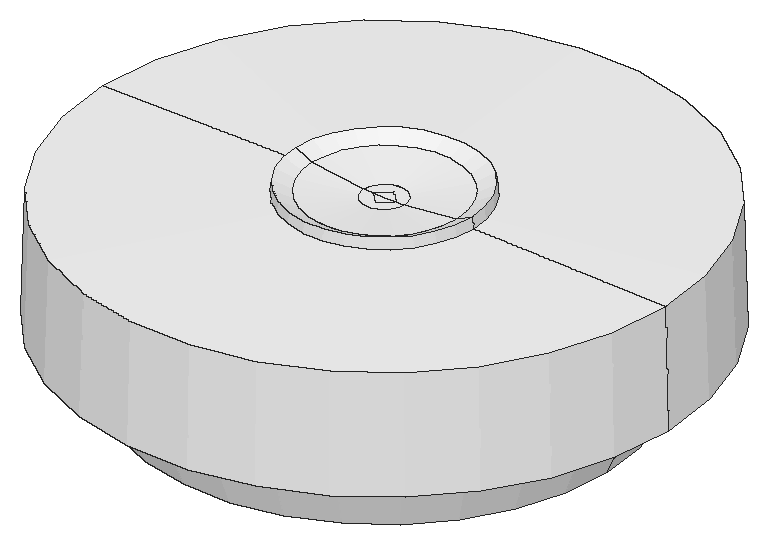
Revit family "Gira_233602", category Electrical Fixtures, host Face, Revit 2017
Family settings
  Host = Face
  Maintain Annotation Orientation = No
  Round Connector Dimension = Use Diameter
  Part Type = Normal
  Cut with Voids When Loaded = No
  Shared = No
  Room Calculation Point = No
Parameters (values of type "RWM Dual Q Rauchwarnmelder Reinweiß")
  Wirkprinzip = "Kombination"
  Versorgungsspannung = "9 - 9"
  Vernetzbar über Kabel = "Yes"
  Vernetzbar über Funk (standardmäßig) = "No"
  Vernetzbar über Funk (optional) = "Yes"
  VdS anerkannt = "Yes"
  URL = "http://katalog.gira.de/de_DE/datenblatt.html?artikelnr=233602"
  Standalone = "Yes"
  Spannungsart der Versorgungsspannung = "Ac (*en-EN)"
  Schutzart (IP) = "IP42"
  Region = "DE"
  Rauchschalter = "Yes"
  Primärstromversorgung = "Batterie/Akku"
  Name = "RWM Dual Q Rauchwarnmelder Reinweiß"
  Montageart = "Aufbau"
  Mitgelieferte Backup-Batterie = "sonstige"
  Mit Spannungsanzeige = "Yes"
  Mit Sockel = "Yes"
  Mit Q-Label = "Yes"
  Mit Orientierungsbeleuchtung = "No"
  Mit Backup-Batterie = "No"
  Max. Anzahl vernetzbar = "40 "
  Manufacturer URL = "https://www.gira.de/"
  Lautstärke = "85 dB(A)"
  Keynote = "Rauchwarnmelder"
  Kabeleinführung = "Unterseite"
  Höhe = "0.048 m"
  HeinzeBIM = "https://bimportal.heinze.de/bim/rwm-dual-q-rauchwarnmelder-reinweiss/2721b562cea05b9a8ff86d0e5850e1c95510b55d"
  HAN = "233602"
  Genehmigt von der NCP = "No"
  Geeignet für Kanalbefestigung = "No"
  GTIN = "4010337014591"
  Farbe = "weiß"
  Explosionsgeprüfte Ausführung = "No"
  Durchmesser = "0.125 m"
  Default Elevation = 1219.2 mm
  Data sheet (1) = "https://katalog.gira.de/de_DE/download.html?artikelnr=233602"
  Category = "Brandmelder"
  Available = "Yes"
  Art des Test-/Pauseknopfes = "Prüftaste"
Reference planes
  plane 1 "Center (Front/Back)": y = 0
  plane 2: z = 0
  plane 3 "Center (Left/Right)": x = 0
Forms (mm)
  Revolve 1, solid, material "White", detail levels fine
    sketch origin (0, 0, 0) x (1, 0, 0) y (0, 0, 1)
      loop
        line (-59.729, 35.831) -> (-60.451, 12.502) -> (-52.923, 12.502) -> (-47.377, 0) -> (0, 0) -> (0, 35.656) -> (-2.39, 35.656) -> (-4.368, 35.729) -> (-15.386, 36.955) -> (-18.732, 38.567) -> (-18.998, 36.391) -> (-59.729, 35.831)
      axis (0, 38.567) -> (0, 0)
    angle from 0 to 360
  Extrusion 2, solid, material "White", detail levels medium
    sketch origin (0, 0, 0) x (1, 0, 0) y (0, 1, 0)
      loop
        circle (0, 0) r 60.451
    from 0 to 36.391
  Extrusion 3, solid, material "White", detail levels medium
    sketch origin (0, 0, 0) x (1, 0, 0) y (0, 1, 0)
      loop
        circle (0, 0) r 18.998
    from 36.391 to 38.567
  Extrusion 4, solid, material "White", detail levels coarse
    sketch origin (0, 0, 0) x (1, 0, 0) y (0, 1, 0)
      loop
        circle (0, 0) r 60.451
    from 0 to 38.567
Dimensions and locks
  aligned and locked: plane 2 to host face
  aligned and locked: level to host face
Nested families
  nested 1: "DE_Smoke Detector_2" at (0, 0, 0), type "DE_Smoke Detector_2"
Connectors
  electrical at (0, 0, 0)
    settings: on Revolve 1, index 1, voltage 1200 V, apparent load 0 VA, apparent load phase1 0 VA, apparent load phase2 0 VA, apparent load phase3 0 VA, power factor 1, load classification "Other", number of poles 1, system type 30, power factor state 1, is connector primary yes, connector utility no, sub classification motor no, connector description ""
Definition of nested family "DE_Smoke Detector_2"
  Reference planes
    plane 1: y = 0
    plane 2: x = 0
  Lines and regions (mm)
    detail lines
      curve 1: line (-4.553, 4.519, 0) -> (4.553, 4.519, 0)
      curve 2: line (-4.553, 0, 0) -> (-4.553, 4.519, 0)
      curve 3: line (4.553, 0, 0) -> (-4.553, 0, 0)
      curve 4: line (4.553, 4.519, 0) -> (4.553, 0, 0)
      curve 5: line (-3.957, 1.691, 0) -> (-2.262, 3.387, 0)
      curve 6: line (-2.262, 3.387, 0) -> (-0.55, 1.675, 0)
      curve 7: line (-3.363, 1.685, 0) -> (-2.243, 2.806, 0)
      curve 8: line (-2.243, 2.806, 0) -> (-1.128, 1.691, 0)
      curve 9: line (0.909, 2.238, 0) -> (3.668, 2.238, 0)
      curve 10: line (1.72, 0.98, 0) -> (1.72, 2.238, 0)
      curve 11: line (2.848, 2.238, 0) -> (2.848, 0.977, 0)
      curve 12: arc (0.909, 2.238, 0) -> (2.289, 3.617, 0) -> (3.668, 2.238, 0) r 1.38
